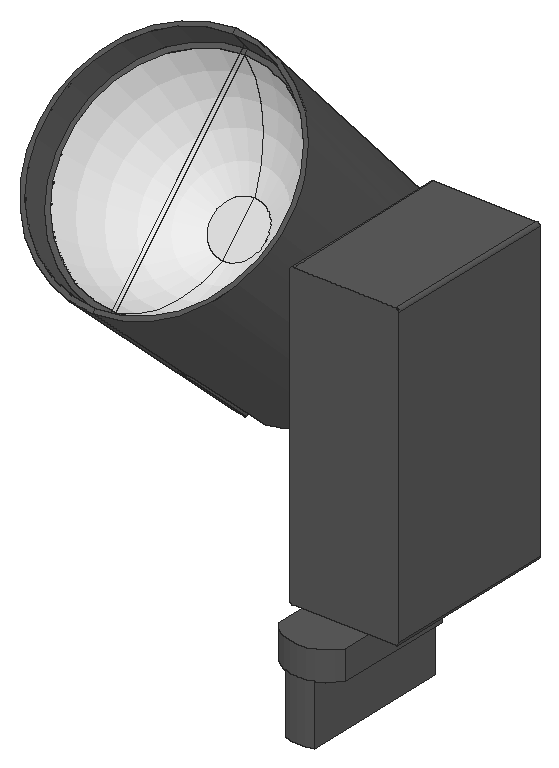
Revit family "0004952 Feilo Sylvania Lighting Fixture START TRACK SPOT L DALI 3562LM 940 WB BLK", category Lighting Fixtures, host Face, Revit 2017
Family settings
  Host = Face
  Round Connector Dimension = Use Diameter
  Part Type = Normal
  OmniClass Number = 23.80.70.00
  OmniClass Title = Lighting
  Cut with Voids When Loaded = No
  Light Source = No
  Shared = No
  Room Calculation Point = No
Parameters (values of type "0004952 START TRACK SPOT L DALI 3562LM 940 WB BLK")
  Weight = "1.368 kg"
  Wattage Comments = ""
  WarrantyStartDate [instance] = "n/a"
  WarrantyGuarantorParts = "n/a"
  WarrantyDurationUnit = "n/a"
  WarrantyDurationParts = "n/a"
  WarrantyDescription = "n/a"
  Voltage = 230 V
  URL = "http://www.sylvania-lighting.com/"
  TypeName = "START TRACK SPOT L DALI 3562LM 940 WB BLK"
  TypeHead_FEILO = Start Track Spot Head : 0004903 START TRACK SPOT L 35W 4K RA90 WB BLACK
  TypeBox_FEILO = Start Track Spot Box : Type Large Black
  Type Image = <None>
  Type Comments = "n/a"
  VerticalRotation_FEILO [instance] = 0.00°
  SlideEndAngle_FEILO [instance] = VerticalRotation_FEILO + 180.00°  # 180.00°
  SerialNumber [instance] = "n/a"
  Material_3_FEILO = none
  PowerFactor = 0.93
  PowerConsumption = "35 W"
  NominalLength = 0 mm
  NominalHeight = 240 mm
  NominalDepth = 164 mm
  Name = "START TRACK SPOT L DALI 3562LM 940 WB BLK"
  ModelReference = Name  # "START TRACK SPOT L DALI 3562LM 940 WB BLK"
  ModelNumber = "0004952"
  Model = Name  # "START TRACK SPOT L DALI 3562LM 940 WB BLK"
  Material = "adc12 aluminium housing, polycarbonate diffuser"
  ManufacturerName = "Feilo Sylvania"
  Manufacturer = "Feilo Sylvania"
  LuminousEfficacy = "102 lm/W"
  LuminaireType = ""
  LightOutputRatio = "100"
  LampsType = Lamp  # "LED"
  LampNominalLuminous = "3562 lm"
  LampMacAdamStep = "3"
  LampColourTemperature = "4000 K"
  LampColourRenderingIndex = "90"
  Lamp = "LED"
  Keynote = "16500"
  InstallationDate [instance] = "n/a"
  InputVoltage = "230-240V~"
  InputNominalFrequency = "50/60 Hz"
  IngressProtection = "IP20"
  ImpactProtectionIndex = "IK02"
  IfcExportType = "IfcLightFixtureType"
  IfcExportAs = "IfcLightFixtureType"
  HorizontalRotation_FEILO [instance] = 45.00°
  ExpectedLife = 50000
  ElectricShockClassification = "Class II"
  DurationUnit = "hours"
  DocumentationLiterature = "http://www.sylvania-lighting.com/product/en-int/products/0004903"
  DimmingControlOptions = "Dimmable"
  Material_2_FEILO = none
  Description = "Integrated LED spotlight, Textured Black - RAL9005, compact and minimalist design, ideal for retail applications, die-cast aluminium body, passive cooling heatsink. Beam angle: 52°, color temperature: 4000K , total system power: 35W, total fixture output: 3562 lm, LOR: 100%, colour rendering: Ra: 90 typical, LED Chromaticity: 3 step MacAdam ellipse, lifetime: >50000 hours at L70B50, energy class: A++, A+, A, IR/UV free light source without heat radiation, operating voltage: 220-240V / 50-60Hz, drive current: 900mA, electronic driver, non-dimmable, power factor: 0.93, electrical protection: Class II, Global Track 3 Phase adapter suitable for Global trac 3-circuit tracks, ingress protection rating: IP20, suitable for internal environment only, horizontal rotation: 355°, vertical tilt: 90°, dimensions: Ø113x164x240, weight: 1.368kg."
  Default Elevation = 1219.2 mm
  CreatedOn = "04/26/2018"
  CreatedBy = ""
  Cost = 0
  built-in parameter 1114216 [instance] = (empty or 0)
  ClassificationValue = "EF_70_80"
  ClassificationName = "Uniclass2015"
  Material_1_FEILO = Body-Sylvania-StartTrackSpot-Black
  BarCode [instance] = "n/a"
  AssetType = "Fixed"
  AssetIdentifier [instance] = "n/a"
  Assembly Code = "D5020200"
  Apparent Load = 35 VA
  Material_4_FEILO = none
Reference planes
  plane 1 "Center (Front/Back)": y = 0
  plane 2: z = 0
  plane 3 "Center (Left/Right)": x = 0
  plane 4: x = 15
  plane 5: x = -15
  plane 6: y = 35
  plane 7: y = -35
  plane 8: z = 13
  plane 9: z = -27
  plane 10: x = 6.5
  plane 11: x = -6.5
  plane 12: y = 27
  plane 13: y = -27
  plane 14: y = 20
Forms (mm)
  Extrusion 1, solid, material "Body-Sylvania-StartTrackSpot-Black" <- "Material_1_FEILO"
    sketch origin (0, 0, 0) x (1, 0, 0) y (0, 1, 0)
      loop
        line (-15, 27) -> (-15, -27)
        arc (-15, -27) -> (0, -35) -> (15, -27) r 18.062
        line (15, -27) -> (15, 27)
        arc (15, 27) -> (0, 35) -> (-15, 27) r 18.062
    from 0 to 13
  Extrusion 2, solid, material "Body-Sylvania-StartTrackSpot-Black" <- "Material_1_FEILO"
    sketch origin (0, 0, 0) x (1, 0, 0) y (0, 1, 0)
      loop
        arc (6.5, 33.79) -> (0, 35) -> (-6.5, 33.79) r 18.062
        line (-6.5, 33.79) -> (-6.5, -33.79)
        arc (-6.5, -33.79) -> (0, -35) -> (6.5, -33.79) r 18.062
        line (6.5, -33.79) -> (6.5, 33.79)
    from 0 to -27
  Revolve 3, solid, not visible
    sketch origin (1524, 20, 1219.2) x (1, 0, 0) y (0, 0, 1)
      loop
        line (-1524, -1206.2) -> (-1524, -1191.285) -> (-1530.5, -1191.285) -> (-1530.5, -1206.2) -> (-1524, -1206.2)
      axis (-1524, -1191.285) -> (-1524, -1206.2)
    angle from 0 <- "VerticalRotation_FEILO" to 180 <- "SlideEndAngle_FEILO"
Cuts and joins
  joined: Extrusion 1, Extrusion 2
Dimensions and locks
  equal spacing: plane 10, plane 3 "Center (Left/Right)", plane 11
  equal spacing: plane 4, plane 3 "Center (Left/Right)", plane 5
  locked: plane 8 to plane 2 at 13
  locked: plane 8 to plane 9 at 40
  equal spacing: plane 13, plane 1 "Center (Front/Back)", plane 12
  locked: plane 12 to plane 6 at 8
  locked: plane 14 to plane 6 at 15
  locked: Revolve 3 sketch curve to plane 8 at 14.915
  aligned and locked: plane 2 to host face
  aligned and locked: level to host face
  aligned and locked: plane 5 to Extrusion 1 sketch curve  (x2)
  aligned and locked: plane 12 to Extrusion 1 sketch curve
  aligned and locked: plane 13 to Extrusion 1 sketch curve
  aligned and locked: plane 4 to Extrusion 1 sketch curve
  aligned and locked: Extrusion 1 to plane 8
  aligned and locked: Extrusion 1 to level
  aligned and locked: Extrusion 2 sketch curve to Extrusion 1  (x2)
  aligned and locked: Extrusion 2 sketch curve to plane 11
  aligned and locked: plane 10 to Extrusion 2 sketch curve
  aligned and locked: plane 9 to Extrusion 2
  aligned and locked: level to Extrusion 2
  aligned and locked: Revolve 3 sketch curve to plane 3 "Center (Left/Right)"  (x2)
  aligned and locked: plane 11 to Revolve 3 sketch curve
  aligned and locked: Revolve 3 sketch curve to plane 8
Automatic sketch dimensions
  host sketch curve to host sketch curve = 2438.4 mm  (x2)
  Extrusion 1 sketch curve to plane 3 "Center (Left/Right)" = 0 mm  (x2)
  Extrusion 1 sketch curve to plane 13 = 10.062 mm
  plane 12 to Extrusion 1 sketch curve = 10.062 mm
  Revolve 3 sketch curve to plane 3 "Center (Left/Right)" = 0 mm
  plane 9 to Revolve 3 sketch curve = 582.6 mm
  Revolve 3 sketch curve to Revolve 3 sketch curve = 2581.144 mm
Nested families
  nested 1: "Start Track Spot Head" at (-75.5, 20, 133) x (0, 0.7071, 0.7071) z (0, 0.7071, -0.7071), type <- "TypeHead_FEILO", type "0004903 START TRACK SPOT L 35W 4K RA90 WB BLACK"
    with built-in parameter 1114216 (empty or 0)
  nested 2: "Start Track Spot Box" at (8.5, 20, 85) x (-1, 0, 0) z (0, -1, 0), BoxStartAngle_FEILO <- "HorizontalRotation_FEILO", type <- "TypeBox_FEILO", type "Type Large Black"
    with BoxStartAngle_FEILO 45.00°, BoxEndAngle_FEILO -135.00°
Connectors
  electrical at (0, 0, 0), driven by "Apparent Load", driven by "PowerFactor", driven by "Voltage"
    settings: index 1, voltage 230 V, apparent load 35 VA, apparent load phase1 0 VA, apparent load phase2 0 VA, apparent load phase3 0 VA, power factor 0.93, load classification "Lighting", number of poles 1, system type 30, power factor state 1, is connector primary yes, connector utility no, sub classification motor no, connector description ""
Definition of nested family "Start Track Spot Head"
  Parameters (values of type "0004811 START TRACK SPOT S 14W 3K RA80 NB WHITE")
    Wattage Comments = "n/a"
    Wattage = 14 W
    built-in parameter 1150110 = 1 (stored number, unit not read)
    URL = "http://www.feilosylvania.com"
    Type Image = (empty or 0)
    Type Comments = "n/a"
    built-in parameter 1114217 = 1 (stored number, unit not read)
    Tilt Angle = -90.00°
    built-in parameter 1150109 = 1 (stored number, unit not read)
    built-in parameter 1150134 = (empty or 0)
    built-in parameter 1150113 = 1 (stored number, unit not read)
    Photometric Web File = "0004811.ies"
    Material_3_FEILO = none
    Model = "START TRACK SPOT S 14W 3K RA80 NB WHITE"
    Manufacturer = "Feilo Sylvania"
    built-in parameter 1150105 = 123.66 (stored number, unit not read)
    Lumens = 1554 lm
    built-in parameter 1150115 = 1 (stored number, unit not read)
    built-in parameter 1150137 = (empty or 0)
    built-in parameter 1150139 = (empty or 0)
    built-in parameter 1150112 = 1 (stored number, unit not read)
    built-in parameter 1150114 = 1 (stored number, unit not read)
    Lamp = "LED"
    Keynote = "16500"
    Material_2_FEILO = none
    built-in parameter 1150132 = (empty or 0)
    built-in parameter 1150102 = (empty or 0)
    built-in parameter 1150107 = 3000 (stored number, unit not read)
    built-in parameter 1150138 = (empty or 0)
    built-in parameter 1150106 = 1.2366 (stored number, unit not read)
    HeadThickness_FEILO = if(HeadDiaOut_FEILO > 112 mm, 2 mm, 1.5 mm)  # 1.5 mm
    HeadRibOffset_FEILO = HeadHeight_FEILO / 28  # 4.179 mm
    HeadRibDepth_FEILO = HeadHeight_FEILO / 2.1  # 55.714 mm
    HeadRibCutWidth_FEILO = HeadDiaOut_FEILO / 12  # 7.167 mm
    HeadRibCutOffset_FEILO = HeadHeight_FEILO / 2.3  # 50.87 mm
    HeadReflectorRadius_FEILO = HeadDiaOut_FEILO / 1.7  # 50.588 mm
    HeadReflectorOffset_FEILO = HeadHeight_FEILO / 2.1  # 55.714 mm
    HeadLEDRadius_FEILO = HeadDiaOut_FEILO / 9  # 9.556 mm
    HeadHeight_FEILO = 117 mm
    HeadDraft_FEILO = 1 mm
    HeadDiffusorThickness_FEILO = 3 mm
    HeadDiffusorOffset_FEILO = HeadHeight_FEILO / 12.4  # 9.435 mm
    HeadDiaOut_FEILO = 86 mm
    HeadDiaIn_FEILO = HeadDiaOut_FEILO / 1.11  # 77.477 mm
    HeadAxisFromTop_FEILO = HeadHeight_FEILO / 1.687  # 69.354 mm
    Emit from Circle Diameter = HeadDiaIn_FEILO  # 77.477 mm
    Emit Shape Visible in Rendering = no
    built-in parameter 1150104 = 10.312 (stored number, unit not read)
    Dimming Lamp Color Temperature Shift = (empty or 0)
    Description = "Integrated LED spotlight, Textured White - RAL9016, compact and minimalist design, ideal for retail applications, die-cast aluminium body, passive cooling heatsink. Beam angle: 12°, color temperature: 3000K , total system power: 14W, total fixture output: 1551 lm, LOR: 100%, colour rendering: Ra: 80 typical, LED Chromaticity: 3 step MacAdam ellipse, lifetime: >50000 hours at L70B50, energy class: A++, A+, A, IR/UV free light source without heat radiation, operating voltage: 220-240V / 50-60Hz, drive current: 350mA, electronic driver, non-dimmable, power factor: 0.92, electrical protection: Class II, Global Track 3 Phase adapter suitable for Global trac 3-circuit tracks, ingress protection rating: IP20, suitable for internal environment only, horizontal rotation: 355°, vertical tilt: 90°, dimensions: Ø86x140x200, weight: 0.940kg."
    Default Elevation = 1219.2 mm
    Cost = 0
    Color Filter = 16777215
    built-in parameter 1114216 [instance] = (empty or 0)
    Material_1_FEILO = none
    built-in parameter 1114218 = 1 (stored number, unit not read)
    built-in parameter 1150133 = 10 (stored number, unit not read)
    Assembly Code = "D5020200"
    Apparent Load = 14 VA
    Material_4_FEILO = none
  Types (96, lengths in mm): name | Wattage | built-in parameter 1150134 | Photometric Web File | Model | built-in parameter 1150105 | Lumens | built-in parameter 1150107 | built-in parameter 1150106 | HeadThickness_FEILO | HeadRibOffset_FEILO | HeadRibDepth_FEILO | HeadRibCutWidth_FEILO | HeadRibCutOffset_FEILO | HeadReflectorRadius_FEILO | HeadReflectorOffset_FEILO | HeadLEDRadius_FEILO | HeadHeight_FEILO | HeadDiffusorOffset_FEILO | HeadDiaOut_FEILO | HeadDiaIn_FEILO | HeadAxisFromTop_FEILO | Emit from Circle Diameter | built-in parameter 1150104 | Description | Apparent Load
    0004906 START TRACK SPOT L 55W 4K RA90 WB BLACK | 55 W | 12 | "0004906.ies" | "START TRACK SPOT L 55W 4K RA90 WB BLACK" | 385.15 (stored number, unit not read) | 4840 lm | 4000 (stored number, unit not read) | 3.8515 (stored number, unit not read) | 2 | 4.429 | 59.048 | 9.417 | 53.913 | 66.471 | 59.048 | 12.556 | 124 | 10 | 113 | 101.802 | 73.503 | 101.802 | 8.1755 (stored number, unit not read) | "Integrated LED spotlight, Textured Black - RAL9005, compact and minimalist design, ideal for retail applications, die-cast aluminium body, passive cooling heatsink. Beam angle: 52°, color temperature: 4000K , total system power: 55W, total fixture output: 4824 lm, LOR: 100%, colour rendering: Ra: 90 typical, LED Chromaticity: 3 step MacAdam ellipse, lifetime: >50000 hours at L70B50, energy class: A++, A+, A, IR/UV free light source without heat radiation, operating voltage: 220-240V / 50-60Hz, drive current: 1400mA, electronic driver, non-dimmable, power factor: 0.96, electrical protection: Class II, Global Track 3 Phase adapter suitable for Global trac 3-circuit tracks, ingress protection rating: IP20, suitable for internal environment only, horizontal rotation: 355°, vertical tilt: 90°, dimensions: Ø113x164x240, weight: 1.398kg." | 55 VA
    0004905 START TRACK SPOT L 55W 4K RA90 MB BLACK | 55 W | 12 | "0004905.ies" | "START TRACK SPOT L 55W 4K RA90 MB BLACK" | 389.53 (stored number, unit not read) | 4895 lm | 4000 (stored number, unit not read) | 3.8953 (stored number, unit not read) | 2 | 4.429 | 59.048 | 9.417 | 53.913 | 66.471 | 59.048 | 12.556 | 124 | 10 | 113 | 101.802 | 73.503 | 101.802 | 8.2684 (stored number, unit not read) | "Integrated LED spotlight, Textured Black - RAL9005, compact and minimalist design, ideal for retail applications, die-cast aluminium body, passive cooling heatsink. Beam angle: 38°, color temperature: 4000K , total system power: 55W, total fixture output: 4897 lm, LOR: 100%, colour rendering: Ra: 90 typical, LED Chromaticity: 3 step MacAdam ellipse, lifetime: >50000 hours at L70B50, energy class: A++, A+, A, IR/UV free light source without heat radiation, operating voltage: 220-240V / 50-60Hz, drive current: 1400mA, electronic driver, non-dimmable, power factor: 0.96, electrical protection: Class II, Global Track 3 Phase adapter suitable for Global trac 3-circuit tracks, ingress protection rating: IP20, suitable for internal environment only, horizontal rotation: 355°, vertical tilt: 90°, dimensions: Ø113x164x240, weight: 1.398kg." | 55 VA
    0004904 START TRACK SPOT L 55W 4K RA90 NB BLACK | 55 W | 12 | "0004904.ies" | "START TRACK SPOT L 55W 4K RA90 NB BLACK" | 393.91 (stored number, unit not read) | 4950 lm | 4000 (stored number, unit not read) | 3.9391 (stored number, unit not read) | 2 | 4.429 | 59.048 | 9.417 | 53.913 | 66.471 | 59.048 | 12.556 | 124 | 10 | 113 | 101.802 | 73.503 | 101.802 | 8.3613 (stored number, unit not read) | "Integrated LED spotlight, Textured Black - RAL9005, compact and minimalist design, ideal for retail applications, die-cast aluminium body, passive cooling heatsink. Beam angle: 15°, color temperature: 4000K , total system power: 55W, total fixture output: 4965 lm, LOR: 100%, colour rendering: Ra: 90 typical, LED Chromaticity: 3 step MacAdam ellipse, lifetime: >50000 hours at L70B50, energy class: A++, A+, A, IR/UV free light source without heat radiation, operating voltage: 220-240V / 50-60Hz, drive current: 1400mA, electronic driver, non-dimmable, power factor: 0.96, electrical protection: Class II, Global Track 3 Phase adapter suitable for Global trac 3-circuit tracks, ingress protection rating: IP20, suitable for internal environment only, horizontal rotation: 355°, vertical tilt: 90°, dimensions: Ø113x164x240, weight: 1.398kg." | 55 VA
    0004903 START TRACK SPOT L 35W 4K RA90 WB BLACK | 35 W | 12 | "0004903.ies" | "START TRACK SPOT L 35W 4K RA90 WB BLACK" | 284.09 (stored number, unit not read) | 3570 lm | 4000 (stored number, unit not read) | 2.8409 (stored number, unit not read) | 2 | 4.429 | 59.048 | 9.417 | 53.913 | 66.471 | 59.048 | 12.556 | 124 | 10 | 113 | 101.802 | 73.503 | 101.802 | 9.4761 (stored number, unit not read) | "Integrated LED spotlight, Textured Black - RAL9005, compact and minimalist design, ideal for retail applications, die-cast aluminium body, passive cooling heatsink. Beam angle: 52°, color temperature: 4000K , total system power: 35W, total fixture output: 3562 lm, LOR: 100%, colour rendering: Ra: 90 typical, LED Chromaticity: 3 step MacAdam ellipse, lifetime: >50000 hours at L70B50, energy class: A++, A+, A, IR/UV free light source without heat radiation, operating voltage: 220-240V / 50-60Hz, drive current: 900mA, electronic driver, non-dimmable, power factor: 0.93, electrical protection: Class II, Global Track 3 Phase adapter suitable for Global trac 3-circuit tracks, ingress protection rating: IP20, suitable for internal environment only, horizontal rotation: 355°, vertical tilt: 90°, dimensions: Ø113x164x240, weight: 1.368kg." | 35 VA
    0004902 START TRACK SPOT L 35W 4K RA90 MB BLACK | 35 W | 12 | "0004902.ies" | "START TRACK SPOT L 35W 4K RA90 MB BLACK" | 286.88 (stored number, unit not read) | 3605 lm | 4000 (stored number, unit not read) | 2.8688 (stored number, unit not read) | 2 | 4.429 | 59.048 | 9.417 | 53.913 | 66.471 | 59.048 | 12.556 | 124 | 10 | 113 | 101.802 | 73.503 | 101.802 | 9.569 (stored number, unit not read) | "Integrated LED spotlight, Textured Black - RAL9005, compact and minimalist design, ideal for retail applications, die-cast aluminium body, passive cooling heatsink. Beam angle: 38°, color temperature: 4000K , total system power: 35W, total fixture output: 3616 lm, LOR: 100%, colour rendering: Ra: 90 typical, LED Chromaticity: 3 step MacAdam ellipse, lifetime: >50000 hours at L70B50, energy class: A++, A+, A, IR/UV free light source without heat radiation, operating voltage: 220-240V / 50-60Hz, drive current: 900mA, electronic driver, non-dimmable, power factor: 0.93, electrical protection: Class II, Global Track 3 Phase adapter suitable for Global trac 3-circuit tracks, ingress protection rating: IP20, suitable for internal environment only, horizontal rotation: 355°, vertical tilt: 90°, dimensions: Ø113x164x240, weight: 1.368kg." | 35 VA
    0004901 START TRACK SPOT L 35W 4K RA90 NB BLACK | 35 W | 12 | "0004901.ies" | "START TRACK SPOT L 35W 4K RA90 NB BLACK" | 286.88 (stored number, unit not read) | 3605 lm | 4000 (stored number, unit not read) | 2.8688 (stored number, unit not read) | 2 | 4.429 | 59.048 | 9.417 | 53.913 | 66.471 | 59.048 | 12.556 | 124 | 10 | 113 | 101.802 | 73.503 | 101.802 | 9.569 (stored number, unit not read) | "Integrated LED spotlight, Textured Black - RAL9005, compact and minimalist design, ideal for retail applications, die-cast aluminium body, passive cooling heatsink. Beam angle: 15°, color temperature: 4000K , total system power: 35W, total fixture output: 3593 lm, LOR: 100%, colour rendering: Ra: 90 typical, LED Chromaticity: 3 step MacAdam ellipse, lifetime: >50000 hours at L70B50, energy class: A++, A+, A, IR/UV free light source without heat radiation, operating voltage: 220-240V / 50-60Hz, drive current: 900mA, electronic driver, non-dimmable, power factor: 0.93, electrical protection: Class II, Global Track 3 Phase adapter suitable for Global trac 3-circuit tracks, ingress protection rating: IP20, suitable for internal environment only, horizontal rotation: 355°, vertical tilt: 90°, dimensions: Ø113x164x240, weight: 1.368kg." | 35 VA
    0004900 START TRACK SPOT S 24W 4K RA90 WB BLACK | 24 W | 12 | "0004900.ies" | "START TRACK SPOT S 24W 4K RA90 WB BLACK" | 166.16 (stored number, unit not read) | 2088 lm | 4000 (stored number, unit not read) | 1.6616 (stored number, unit not read) | 1.5 | 4.179 | 55.714 | 7.167 | 50.87 | 50.588 | 55.714 | 9.556 | 117 | 9.435 | 86 | 77.477 | 69.354 | 77.477 | 8.0826 (stored number, unit not read) | "Integrated LED spotlight, Textured Black - RAL9005, compact and minimalist design, ideal for retail applications, die-cast aluminium body, passive cooling heatsink. Beam angle: 64°, color temperature: 4000K , total system power: 24W, total fixture output: 2087 lm, LOR: 100%, colour rendering: Ra: 90 typical, LED Chromaticity: 3 step MacAdam ellipse, lifetime: >50000 hours at L70B50, energy class: A++, A+, A, IR/UV free light source without heat radiation, operating voltage: 220-240V / 50-60Hz, drive current: 600mA, electronic driver, non-dimmable, power factor: 0.95, electrical protection: Class II, Global Track 3 Phase adapter suitable for Global trac 3-circuit tracks, ingress protection rating: IP20, suitable for internal environment only, horizontal rotation: 355°, vertical tilt: 90°, dimensions: Ø86x140x200, weight: 0.966kg." | 24 VA
    0004899 START TRACK SPOT S 24W 4K RA90 MB BLACK | 24 W | 12 | "0004899.ies" | "START TRACK SPOT S 24W 4K RA90 MB BLACK" | 169.98 (stored number, unit not read) | 2136 lm | 4000 (stored number, unit not read) | 1.6998 (stored number, unit not read) | 1.5 | 4.179 | 55.714 | 7.167 | 50.87 | 50.588 | 55.714 | 9.556 | 117 | 9.435 | 86 | 77.477 | 69.354 | 77.477 | 8.2684 (stored number, unit not read) | "Integrated LED spotlight, Textured Black - RAL9005, compact and minimalist design, ideal for retail applications, die-cast aluminium body, passive cooling heatsink. Beam angle: 36°, color temperature: 4000K , total system power: 24W, total fixture output: 2141 lm, LOR: 100%, colour rendering: Ra: 90 typical, LED Chromaticity: 3 step MacAdam ellipse, lifetime: >50000 hours at L70B50, energy class: A++, A+, A, IR/UV free light source without heat radiation, operating voltage: 220-240V / 50-60Hz, drive current: 600mA, electronic driver, non-dimmable, power factor: 0.95, electrical protection: Class II, Global Track 3 Phase adapter suitable for Global trac 3-circuit tracks, ingress protection rating: IP20, suitable for internal environment only, horizontal rotation: 355°, vertical tilt: 90°, dimensions: Ø86x140x200, weight: 0.966kg." | 24 VA
    0004898 START TRACK SPOT S 24W 4K RA90 NB BLACK | 24 W | 12 | "0004898.ies" | "START TRACK SPOT S 24W 4K RA90 NB BLACK" | 171.89 (stored number, unit not read) | 2160 lm | 4000 (stored number, unit not read) | 1.7189 (stored number, unit not read) | 1.5 | 4.179 | 55.714 | 7.167 | 50.87 | 50.588 | 55.714 | 9.556 | 117 | 9.435 | 86 | 77.477 | 69.354 | 77.477 | 8.3613 (stored number, unit not read) | "Integrated LED spotlight, Textured Black - RAL9005, compact and minimalist design, ideal for retail applications, die-cast aluminium body, passive cooling heatsink. Beam angle: 12°, color temperature: 4000K , total system power: 24W, total fixture output: 2155 lm, LOR: 100%, colour rendering: Ra: 90 typical, LED Chromaticity: 3 step MacAdam ellipse, lifetime: >50000 hours at L70B50, energy class: A++, A+, A, IR/UV free light source without heat radiation, operating voltage: 220-240V / 50-60Hz, drive current: 600mA, electronic driver, non-dimmable, power factor: 0.95, electrical protection: Class II, Global Track 3 Phase adapter suitable for Global trac 3-circuit tracks, ingress protection rating: IP20, suitable for internal environment only, horizontal rotation: 355°, vertical tilt: 90°, dimensions: Ø86x140x200, weight: 0.966kg." | 24 VA
    0004897 START TRACK SPOT S 14W 4K RA90 WB BLACK | 14 W | 12 | "0004897.ies" | "START TRACK SPOT S 14W 4K RA90 WB BLACK" | 108.07 (stored number, unit not read) | 1358 lm | 4000 (stored number, unit not read) | 1.0807 (stored number, unit not read) | 1.5 | 4.179 | 55.714 | 7.167 | 50.87 | 50.588 | 55.714 | 9.556 | 117 | 9.435 | 86 | 77.477 | 69.354 | 77.477 | 9.0116 (stored number, unit not read) | "Integrated LED spotlight, Textured Black - RAL9005, compact and minimalist design, ideal for retail applications, die-cast aluminium body, passive cooling heatsink. Beam angle: 64°, color temperature: 4000K , total system power: 14W, total fixture output: 1352 lm, LOR: 100%, colour rendering: Ra: 90 typical, LED Chromaticity: 3 step MacAdam ellipse, lifetime: >50000 hours at L70B50, energy class: A++, A+, A, IR/UV free light source without heat radiation, operating voltage: 220-240V / 50-60Hz, drive current: 350mA, electronic driver, non-dimmable, power factor: 0.92, electrical protection: Class II, Global Track 3 Phase adapter suitable for Global trac 3-circuit tracks, ingress protection rating: IP20, suitable for internal environment only, horizontal rotation: 355°, vertical tilt: 90°, dimensions: Ø86x140x200, weight: 0.940kg." | 14 VA
    0004896 START TRACK SPOT S 14W 4K RA90 MB BLACK | 14 W | 12 | "0004896.ies" | "START TRACK SPOT S 14W 4K RA90 MB BLACK" | 108.07 (stored number, unit not read) | 1358 lm | 4000 (stored number, unit not read) | 1.0807 (stored number, unit not read) | 1.5 | 4.179 | 55.714 | 7.167 | 50.87 | 50.588 | 55.714 | 9.556 | 117 | 9.435 | 86 | 77.477 | 69.354 | 77.477 | 9.0116 (stored number, unit not read) | "Integrated LED spotlight, Textured Black - RAL9005, compact and minimalist design, ideal for retail applications, die-cast aluminium body, passive cooling heatsink. Beam angle: 36°, color temperature: 4000K , total system power: 14W, total fixture output: 1359 lm, LOR: 100%, colour rendering: Ra: 90 typical, LED Chromaticity: 3 step MacAdam ellipse, lifetime: >50000 hours at L70B50, energy class: A++, A+, A, IR/UV free light source without heat radiation, operating voltage: 220-240V / 50-60Hz, drive current: 350mA, electronic driver, non-dimmable, power factor: 0.92, electrical protection: Class II, Global Track 3 Phase adapter suitable for Global trac 3-circuit tracks, ingress protection rating: IP20, suitable for internal environment only, horizontal rotation: 355°, vertical tilt: 90°, dimensions: Ø86x140x200, weight: 0.940kg." | 14 VA
    0004895 START TRACK SPOT S 14W 4K RA90 NB BLACK | 14 W | 12 | "0004895.ies" | "START TRACK SPOT S 14W 4K RA90 NB BLACK" | 106.95 (stored number, unit not read) | 1344 lm | 4000 (stored number, unit not read) | 1.0695 (stored number, unit not read) | 1.5 | 4.179 | 55.714 | 7.167 | 50.87 | 50.588 | 55.714 | 9.556 | 117 | 9.435 | 86 | 77.477 | 69.354 | 77.477 | 8.9187 (stored number, unit not read) | "Integrated LED spotlight, Textured Black - RAL9005, compact and minimalist design, ideal for retail applications, die-cast aluminium body, passive cooling heatsink. Beam angle: 12°, color temperature: 4000K , total system power: 14W, total fixture output: 1349 lm, LOR: 100%, colour rendering: Ra: 90 typical, LED Chromaticity: 3 step MacAdam ellipse, lifetime: >50000 hours at L70B50, energy class: A++, A+, A, IR/UV free light source without heat radiation, operating voltage: 220-240V / 50-60Hz, drive current: 350mA, electronic driver, non-dimmable, power factor: 0.92, electrical protection: Class II, Global Track 3 Phase adapter suitable for Global trac 3-circuit tracks, ingress protection rating: IP20, suitable for internal environment only, horizontal rotation: 355°, vertical tilt: 90°, dimensions: Ø86x140x200, weight: 0.940kg." | 14 VA
    0004894 START TRACK SPOT L 55W 3K RA90 WB BLACK | 55 W | (empty or 0) | "0004894.ies" | "START TRACK SPOT L 55W 3K RA90 WB BLACK" | 350.14 (stored number, unit not read) | 4400 lm | 3000 (stored number, unit not read) | 3.5014 (stored number, unit not read) | 2 | 4.429 | 59.048 | 9.417 | 53.913 | 66.471 | 59.048 | 12.556 | 124 | 10 | 113 | 101.802 | 73.503 | 101.802 | 7.4322 (stored number, unit not read) | "Integrated LED spotlight, Textured Black - RAL9005, compact and minimalist design, ideal for retail applications, die-cast aluminium body, passive cooling heatsink. Beam angle: 52°, color temperature: 3000K , total system power: 55W, total fixture output: 4405 lm, LOR: 100%, colour rendering: Ra: 90 typical, LED Chromaticity: 3 step MacAdam ellipse, lifetime: >50000 hours at L70B50, energy class: A++, A+, A, IR/UV free light source without heat radiation, operating voltage: 220-240V / 50-60Hz, drive current: 1400mA, electronic driver, non-dimmable, power factor: 0.96, electrical protection: Class II, Global Track 3 Phase adapter suitable for Global trac 3-circuit tracks, ingress protection rating: IP20, suitable for internal environment only, horizontal rotation: 355°, vertical tilt: 90°, dimensions: Ø113x164x240, weight: 1.398kg." | 55 VA
    0004893 START TRACK SPOT L 55W 3K RA90 MB BLACK | 55 W | (empty or 0) | "0004893.ies" | "START TRACK SPOT L 55W 3K RA90 MB BLACK" | 354.52 (stored number, unit not read) | 4455 lm | 3000 (stored number, unit not read) | 3.5452 (stored number, unit not read) | 2 | 4.429 | 59.048 | 9.417 | 53.913 | 66.471 | 59.048 | 12.556 | 124 | 10 | 113 | 101.802 | 73.503 | 101.802 | 7.5251 (stored number, unit not read) | "Integrated LED spotlight, Textured Black - RAL9005, compact and minimalist design, ideal for retail applications, die-cast aluminium body, passive cooling heatsink. Beam angle: 38°, color temperature: 3000K , total system power: 55W, total fixture output: 4448 lm, LOR: 100%, colour rendering: Ra: 90 typical, LED Chromaticity: 3 step MacAdam ellipse, lifetime: >50000 hours at L70B50, energy class: A++, A+, A, IR/UV free light source without heat radiation, operating voltage: 220-240V / 50-60Hz, drive current: 1400mA, electronic driver, non-dimmable, power factor: 0.96, electrical protection: Class II, Global Track 3 Phase adapter suitable for Global trac 3-circuit tracks, ingress protection rating: IP20, suitable for internal environment only, horizontal rotation: 355°, vertical tilt: 90°, dimensions: Ø113x164x240, weight: 1.398kg." | 55 VA
    0004892 START TRACK SPOT L 55W 3K RA90 NB BLACK | 55 W | (empty or 0) | "0004892.ies" | "START TRACK SPOT L 55W 3K RA90 NB BLACK" | 350.14 (stored number, unit not read) | 4400 lm | 3000 (stored number, unit not read) | 3.5014 (stored number, unit not read) | 2 | 4.429 | 59.048 | 9.417 | 53.913 | 66.471 | 59.048 | 12.556 | 124 | 10 | 113 | 101.802 | 73.503 | 101.802 | 7.4322 (stored number, unit not read) | "Integrated LED spotlight, Textured Black - RAL9005, compact and minimalist design, ideal for retail applications, die-cast aluminium body, passive cooling heatsink. Beam angle: 15°, color temperature: 3000K , total system power: 55W, total fixture output: 4416 lm, LOR: 100%, colour rendering: Ra: 90 typical, LED Chromaticity: 3 step MacAdam ellipse, lifetime: >50000 hours at L70B50, energy class: A++, A+, A, IR/UV free light source without heat radiation, operating voltage: 220-240V / 50-60Hz, drive current: 1400mA, electronic driver, non-dimmable, power factor: 0.96, electrical protection: Class II, Global Track 3 Phase adapter suitable for Global trac 3-circuit tracks, ingress protection rating: IP20, suitable for internal environment only, horizontal rotation: 355°, vertical tilt: 90°, dimensions: Ø113x164x240, weight: 1.398kg." | 55 VA
    0004891 START TRACK SPOT L 35W 3K RA90 WB BLACK | 35 W | (empty or 0) | "0004891.ies" | "START TRACK SPOT L 35W 3K RA90 WB BLACK" | 259.02 (stored number, unit not read) | 3255 lm | 3000 (stored number, unit not read) | 2.5902 (stored number, unit not read) | 2 | 4.429 | 59.048 | 9.417 | 53.913 | 66.471 | 59.048 | 12.556 | 124 | 10 | 113 | 101.802 | 73.503 | 101.802 | 8.64 (stored number, unit not read) | "Integrated LED spotlight, Textured Black - RAL9005, compact and minimalist design, ideal for retail applications, die-cast aluminium body, passive cooling heatsink. Beam angle: 52°, color temperature: 3000K , total system power: 35W, total fixture output: 3260 lm, LOR: 100%, colour rendering: Ra: 90 typical, LED Chromaticity: 3 step MacAdam ellipse, lifetime: >50000 hours at L70B50, energy class: A++, A+, A, IR/UV free light source without heat radiation, operating voltage: 220-240V / 50-60Hz, drive current: 900mA, electronic driver, non-dimmable, power factor: 0.93, electrical protection: Class II, Global Track 3 Phase adapter suitable for Global trac 3-circuit tracks, ingress protection rating: IP20, suitable for internal environment only, horizontal rotation: 355°, vertical tilt: 90°, dimensions: Ø113x164x240, weight: 1.368kg." | 35 VA
    0004890 START TRACK SPOT L 35W 3K RA90 MB BLACK | 35 W | (empty or 0) | "0004890.ies" | "START TRACK SPOT L 35W 3K RA90 MB BLACK" | 261.81 (stored number, unit not read) | 3290 lm | 3000 (stored number, unit not read) | 2.6181 (stored number, unit not read) | 2 | 4.429 | 59.048 | 9.417 | 53.913 | 66.471 | 59.048 | 12.556 | 124 | 10 | 113 | 101.802 | 73.503 | 101.802 | 8.7329 (stored number, unit not read) | "Integrated LED spotlight, Textured Black - RAL9005, compact and minimalist design, ideal for retail applications, die-cast aluminium body, passive cooling heatsink. Beam angle: 38°, color temperature: 3000K , total system power: 35W, total fixture output: 3306 lm, LOR: 100%, colour rendering: Ra: 90 typical, LED Chromaticity: 3 step MacAdam ellipse, lifetime: >50000 hours at L70B50, energy class: A++, A+, A, IR/UV free light source without heat radiation, operating voltage: 220-240V / 50-60Hz, drive current: 900mA, electronic driver, non-dimmable, power factor: 0.93, electrical protection: Class II, Global Track 3 Phase adapter suitable for Global trac 3-circuit tracks, ingress protection rating: IP20, suitable for internal environment only, horizontal rotation: 355°, vertical tilt: 90°, dimensions: Ø113x164x240, weight: 1.368kg." | 35 VA
    0004889 START TRACK SPOT L 35W 3K RA90 NB BLACK | 35 W | (empty or 0) | "0004889.ies" | "START TRACK SPOT L 35W 3K RA90 NB BLACK" | 261.81 (stored number, unit not read) | 3290 lm | 3000 (stored number, unit not read) | 2.6181 (stored number, unit not read) | 2 | 4.429 | 59.048 | 9.417 | 53.913 | 66.471 | 59.048 | 12.556 | 124 | 10 | 113 | 101.802 | 73.503 | 101.802 | 8.7329 (stored number, unit not read) | "Integrated LED spotlight, Textured Black - RAL9005, compact and minimalist design, ideal for retail applications, die-cast aluminium body, passive cooling heatsink. Beam angle: 15°, color temperature: 3000K , total system power: 35W, total fixture output: 3287 lm, LOR: 100%, colour rendering: Ra: 90 typical, LED Chromaticity: 3 step MacAdam ellipse, lifetime: >50000 hours at L70B50, energy class: A++, A+, A, IR/UV free light source without heat radiation, operating voltage: 220-240V / 50-60Hz, drive current: 900mA, electronic driver, non-dimmable, power factor: 0.93, electrical protection: Class II, Global Track 3 Phase adapter suitable for Global trac 3-circuit tracks, ingress protection rating: IP20, suitable for internal environment only, horizontal rotation: 355°, vertical tilt: 90°, dimensions: Ø113x164x240, weight: 1.368kg." | 35 VA
    0004888 START TRACK SPOT S 24W 3K RA90 WB BLACK | 24 W | (empty or 0) | "0004888.ies" | "START TRACK SPOT S 24W 3K RA90 WB BLACK" | 152.79 (stored number, unit not read) | 1920 lm | 3000 (stored number, unit not read) | 1.5279 (stored number, unit not read) | 1.5 | 4.179 | 55.714 | 7.167 | 50.87 | 50.588 | 55.714 | 9.556 | 117 | 9.435 | 86 | 77.477 | 69.354 | 77.477 | 7.4322 (stored number, unit not read) | "Integrated LED spotlight, Textured Black - RAL9005, compact and minimalist design, ideal for retail applications, die-cast aluminium body, passive cooling heatsink. Beam angle: 64°, color temperature: 3000K , total system power: 24W, total fixture output: 1928 lm, LOR: 100%, colour rendering: Ra: 90 typical, LED Chromaticity: 3 step MacAdam ellipse, lifetime: >50000 hours at L70B50, energy class: A++, A+, A, IR/UV free light source without heat radiation, operating voltage: 220-240V / 50-60Hz, drive current: 600mA, electronic driver, non-dimmable, power factor: 0.95, electrical protection: Class II, Global Track 3 Phase adapter suitable for Global trac 3-circuit tracks, ingress protection rating: IP20, suitable for internal environment only, horizontal rotation: 355°, vertical tilt: 90°, dimensions: Ø86x140x200, weight: 0.966kg." | 24 VA
    0004887 START TRACK SPOT S 24W 3K RA90 MB BLACK | 24 W | (empty or 0) | "0004887.ies" | "START TRACK SPOT S 24W 3K RA90 MB BLACK" | 154.7 (stored number, unit not read) | 1944 lm | 3000 (stored number, unit not read) | 1.547 (stored number, unit not read) | 1.5 | 4.179 | 55.714 | 7.167 | 50.87 | 50.588 | 55.714 | 9.556 | 117 | 9.435 | 86 | 77.477 | 69.354 | 77.477 | 7.5251 (stored number, unit not read) | "Integrated LED spotlight, Textured Black - RAL9005, compact and minimalist design, ideal for retail applications, die-cast aluminium body, passive cooling heatsink. Beam angle: 36°, color temperature: 3000K , total system power: 24W, total fixture output: 1944 lm, LOR: 100%, colour rendering: Ra: 90 typical, LED Chromaticity: 3 step MacAdam ellipse, lifetime: >50000 hours at L70B50, energy class: A++, A+, A, IR/UV free light source without heat radiation, operating voltage: 220-240V / 50-60Hz, drive current: 600mA, electronic driver, non-dimmable, power factor: 0.95, electrical protection: Class II, Global Track 3 Phase adapter suitable for Global trac 3-circuit tracks, ingress protection rating: IP20, suitable for internal environment only, horizontal rotation: 355°, vertical tilt: 90°, dimensions: Ø86x140x200, weight: 0.966kg." | 24 VA
    0004886 START TRACK SPOT S 24W 3K RA90 NB BLACK | 24 W | (empty or 0) | "0004886.ies" | "START TRACK SPOT S 24W 3K RA90 NB BLACK" | 158.52 (stored number, unit not read) | 1992 lm | 3000 (stored number, unit not read) | 1.5852 (stored number, unit not read) | 1.5 | 4.179 | 55.714 | 7.167 | 50.87 | 50.588 | 55.714 | 9.556 | 117 | 9.435 | 86 | 77.477 | 69.354 | 77.477 | 7.711 (stored number, unit not read) | "Integrated LED spotlight, Textured Black - RAL9005, compact and minimalist design, ideal for retail applications, die-cast aluminium body, passive cooling heatsink. Beam angle: 12°, color temperature: 3000K , total system power: 24W, total fixture output: 1987 lm, LOR: 100%, colour rendering: Ra: 90 typical, LED Chromaticity: 3 step MacAdam ellipse, lifetime: >50000 hours at L70B50, energy class: A++, A+, A, IR/UV free light source without heat radiation, operating voltage: 220-240V / 50-60Hz, drive current: 600mA, electronic driver, non-dimmable, power factor: 0.95, electrical protection: Class II, Global Track 3 Phase adapter suitable for Global trac 3-circuit tracks, ingress protection rating: IP20, suitable for internal environment only, horizontal rotation: 355°, vertical tilt: 90°, dimensions: Ø86x140x200, weight: 0.966kg." | 24 VA
    0004885 START TRACK SPOT S 14W 3K RA90 WB BLACK | 14 W | (empty or 0) | "0004885.ies" | "START TRACK SPOT S 14W 3K RA90 WB BLACK" | 100.27 (stored number, unit not read) | 1260 lm | 3000 (stored number, unit not read) | 1.0027 (stored number, unit not read) | 1.5 | 4.179 | 55.714 | 7.167 | 50.87 | 50.588 | 55.714 | 9.556 | 117 | 9.435 | 86 | 77.477 | 69.354 | 77.477 | 8.3613 (stored number, unit not read) | "Integrated LED spotlight, Textured Black - RAL9005, compact and minimalist design, ideal for retail applications, die-cast aluminium body, passive cooling heatsink. Beam angle: 64°, color temperature: 3000K , total system power: 14W, total fixture output: 1262 lm, LOR: 100%, colour rendering: Ra: 90 typical, LED Chromaticity: 3 step MacAdam ellipse, lifetime: >50000 hours at L70B50, energy class: A++, A+, A, IR/UV free light source without heat radiation, operating voltage: 220-240V / 50-60Hz, drive current: 350mA, electronic driver, non-dimmable, power factor: 0.92, electrical protection: Class II, Global Track 3 Phase adapter suitable for Global trac 3-circuit tracks, ingress protection rating: IP20, suitable for internal environment only, horizontal rotation: 355°, vertical tilt: 90°, dimensions: Ø86x140x200, weight: 0.940kg." | 14 VA
    0004884 START TRACK SPOT S 14W 3K RA90 MB BLACK | 14 W | (empty or 0) | "0004884.ies" | "START TRACK SPOT S 14W 3K RA90 MB BLACK" | 100.27 (stored number, unit not read) | 1260 lm | 3000 (stored number, unit not read) | 1.0027 (stored number, unit not read) | 1.5 | 4.179 | 55.714 | 7.167 | 50.87 | 50.588 | 55.714 | 9.556 | 117 | 9.435 | 86 | 77.477 | 69.354 | 77.477 | 8.3613 (stored number, unit not read) | "Integrated LED spotlight, Textured Black - RAL9005, compact and minimalist design, ideal for retail applications, die-cast aluminium body, passive cooling heatsink. Beam angle: 36°, color temperature: 3000K , total system power: 14W, total fixture output: 1262 lm, LOR: 100%, colour rendering: Ra: 90 typical, LED Chromaticity: 3 step MacAdam ellipse, lifetime: >50000 hours at L70B50, energy class: A++, A+, A, IR/UV free light source without heat radiation, operating voltage: 220-240V / 50-60Hz, drive current: 350mA, electronic driver, non-dimmable, power factor: 0.92, electrical protection: Class II, Global Track 3 Phase adapter suitable for Global trac 3-circuit tracks, ingress protection rating: IP20, suitable for internal environment only, horizontal rotation: 355°, vertical tilt: 90°, dimensions: Ø86x140x200, weight: 0.940kg." | 14 VA
    0004883 START TRACK SPOT S 14W 3K RA90 NB BLACK | 14 W | (empty or 0) | "0004883.ies" | "START TRACK SPOT S 14W 3K RA90 NB BLACK" | 102.5 (stored number, unit not read) | 1288 lm | 3000 (stored number, unit not read) | 1.025 (stored number, unit not read) | 1.5 | 4.179 | 55.714 | 7.167 | 50.87 | 50.588 | 55.714 | 9.556 | 117 | 9.435 | 86 | 77.477 | 69.354 | 77.477 | 8.5471 (stored number, unit not read) | "Integrated LED spotlight, Textured Black - RAL9005, compact and minimalist design, ideal for retail applications, die-cast aluminium body, passive cooling heatsink. Beam angle: 12°, color temperature: 3000K , total system power: 14W, total fixture output: 1284 lm, LOR: 100%, colour rendering: Ra: 90 typical, LED Chromaticity: 3 step MacAdam ellipse, lifetime: >50000 hours at L70B50, energy class: A++, A+, A, IR/UV free light source without heat radiation, operating voltage: 220-240V / 50-60Hz, drive current: 350mA, electronic driver, non-dimmable, power factor: 0.92, electrical protection: Class II, Global Track 3 Phase adapter suitable for Global trac 3-circuit tracks, ingress protection rating: IP20, suitable for internal environment only, horizontal rotation: 355°, vertical tilt: 90°, dimensions: Ø86x140x200, weight: 0.940kg." | 14 VA
    0004882 START TRACK SPOT L 55W 4K RA90 WB WHITE | 55 W | 12 | "0004882.ies" | "START TRACK SPOT L 55W 4K RA90 WB WHITE" | 385.15 (stored number, unit not read) | 4840 lm | 4000 (stored number, unit not read) | 3.8515 (stored number, unit not read) | 2 | 4.429 | 59.048 | 9.417 | 53.913 | 66.471 | 59.048 | 12.556 | 124 | 10 | 113 | 101.802 | 73.503 | 101.802 | 8.1755 (stored number, unit not read) | "Integrated LED spotlight, Textured White - RAL9016, compact and minimalist design, ideal for retail applications, die-cast aluminium body, passive cooling heatsink. Beam angle: 52°, color temperature: 4000K , total system power: 55W, total fixture output: 4824 lm, LOR: 100%, colour rendering: Ra: 90 typical, LED Chromaticity: 3 step MacAdam ellipse, lifetime: >50000 hours at L70B50, energy class: A++, A+, A, IR/UV free light source without heat radiation, operating voltage: 220-240V / 50-60Hz, drive current: 1400mA, electronic driver, non-dimmable, power factor: 0.96, electrical protection: Class II, Global Track 3 Phase adapter suitable for Global trac 3-circuit tracks, ingress protection rating: IP20, suitable for internal environment only, horizontal rotation: 355°, vertical tilt: 90°, dimensions: Ø113x164x240, weight: 1.398kg." | 55 VA
    0004881 START TRACK SPOT L 55W 4K RA90 MB WHITE | 55 W | 12 | "0004881.ies" | "START TRACK SPOT L 55W 4K RA90 MB WHITE" | 389.53 (stored number, unit not read) | 4895 lm | 4000 (stored number, unit not read) | 3.8953 (stored number, unit not read) | 2 | 4.429 | 59.048 | 9.417 | 53.913 | 66.471 | 59.048 | 12.556 | 124 | 10 | 113 | 101.802 | 73.503 | 101.802 | 8.2684 (stored number, unit not read) | "Integrated LED spotlight, Textured White - RAL9016, compact and minimalist design, ideal for retail applications, die-cast aluminium body, passive cooling heatsink. Beam angle: 38°, color temperature: 4000K , total system power: 55W, total fixture output: 4897 lm, LOR: 100%, colour rendering: Ra: 90 typical, LED Chromaticity: 3 step MacAdam ellipse, lifetime: >50000 hours at L70B50, energy class: A++, A+, A, IR/UV free light source without heat radiation, operating voltage: 220-240V / 50-60Hz, drive current: 1400mA, electronic driver, non-dimmable, power factor: 0.96, electrical protection: Class II, Global Track 3 Phase adapter suitable for Global trac 3-circuit tracks, ingress protection rating: IP20, suitable for internal environment only, horizontal rotation: 355°, vertical tilt: 90°, dimensions: Ø113x164x240, weight: 1.398kg." | 55 VA
    0004880 START TRACK SPOT L 55W 4K RA90 NB WHITE | 55 W | 12 | "0004880.ies" | "START TRACK SPOT L 55W 4K RA90 NB WHITE" | 393.91 (stored number, unit not read) | 4950 lm | 4000 (stored number, unit not read) | 3.9391 (stored number, unit not read) | 2 | 4.429 | 59.048 | 9.417 | 53.913 | 66.471 | 59.048 | 12.556 | 124 | 10 | 113 | 101.802 | 73.503 | 101.802 | 8.3613 (stored number, unit not read) | "Integrated LED spotlight, Textured White - RAL9016, compact and minimalist design, ideal for retail applications, die-cast aluminium body, passive cooling heatsink. Beam angle: 15°, color temperature: 4000K , total system power: 55W, total fixture output: 4965 lm, LOR: 100%, colour rendering: Ra: 90 typical, LED Chromaticity: 3 step MacAdam ellipse, lifetime: >50000 hours at L70B50, energy class: A++, A+, A, IR/UV free light source without heat radiation, operating voltage: 220-240V / 50-60Hz, drive current: 1400mA, electronic driver, non-dimmable, power factor: 0.96, electrical protection: Class II, Global Track 3 Phase adapter suitable for Global trac 3-circuit tracks, ingress protection rating: IP20, suitable for internal environment only, horizontal rotation: 355°, vertical tilt: 90°, dimensions: Ø113x164x240, weight: 1.398kg." | 55 VA
    0004879 START TRACK SPOT L 35W 4K RA90 WB WHITE | 35 W | 12 | "0004879.ies" | "START TRACK SPOT L 35W 4K RA90 WB WHITE" | 284.09 (stored number, unit not read) | 3570 lm | 4000 (stored number, unit not read) | 2.8409 (stored number, unit not read) | 2 | 4.429 | 59.048 | 9.417 | 53.913 | 66.471 | 59.048 | 12.556 | 124 | 10 | 113 | 101.802 | 73.503 | 101.802 | 9.4761 (stored number, unit not read) | "Integrated LED spotlight, Textured White - RAL9016, compact and minimalist design, ideal for retail applications, die-cast aluminium body, passive cooling heatsink. Beam angle: 52°, color temperature: 4000K , total system power: 35W, total fixture output: 3562 lm, LOR: 100%, colour rendering: Ra: 90 typical, LED Chromaticity: 3 step MacAdam ellipse, lifetime: >50000 hours at L70B50, energy class: A++, A+, A, IR/UV free light source without heat radiation, operating voltage: 220-240V / 50-60Hz, drive current: 900mA, electronic driver, non-dimmable, power factor: 0.93, electrical protection: Class II, Global Track 3 Phase adapter suitable for Global trac 3-circuit tracks, ingress protection rating: IP20, suitable for internal environment only, horizontal rotation: 355°, vertical tilt: 90°, dimensions: Ø113x164x240, weight: 1.368kg." | 35 VA
    0004878 START TRACK SPOT L 35W 4K RA90 MB WHITE | 35 W | 12 | "0004878.ies" | "START TRACK SPOT L 35W 4K RA90 MB WHITE" | 286.88 (stored number, unit not read) | 3605 lm | 4000 (stored number, unit not read) | 2.8688 (stored number, unit not read) | 2 | 4.429 | 59.048 | 9.417 | 53.913 | 66.471 | 59.048 | 12.556 | 124 | 10 | 113 | 101.802 | 73.503 | 101.802 | 9.569 (stored number, unit not read) | "Integrated LED spotlight, Textured White - RAL9016, compact and minimalist design, ideal for retail applications, die-cast aluminium body, passive cooling heatsink. Beam angle: 38°, color temperature: 4000K , total system power: 35W, total fixture output: 3616 lm, LOR: 100%, colour rendering: Ra: 90 typical, LED Chromaticity: 3 step MacAdam ellipse, lifetime: >50000 hours at L70B50, energy class: A++, A+, A, IR/UV free light source without heat radiation, operating voltage: 220-240V / 50-60Hz, drive current: 900mA, electronic driver, non-dimmable, power factor: 0.93, electrical protection: Class II, Global Track 3 Phase adapter suitable for Global trac 3-circuit tracks, ingress protection rating: IP20, suitable for internal environment only, horizontal rotation: 355°, vertical tilt: 90°, dimensions: Ø113x164x240, weight: 1.368kg." | 35 VA
    0004877 START TRACK SPOT L 35W 4K RA90 NB WHITE | 35 W | 12 | "0004877.ies" | "START TRACK SPOT L 35W 4K RA90 NB WHITE" | 286.88 (stored number, unit not read) | 3605 lm | 4000 (stored number, unit not read) | 2.8688 (stored number, unit not read) | 2 | 4.429 | 59.048 | 9.417 | 53.913 | 66.471 | 59.048 | 12.556 | 124 | 10 | 113 | 101.802 | 73.503 | 101.802 | 9.569 (stored number, unit not read) | "Integrated LED spotlight, Textured White - RAL9016, compact and minimalist design, ideal for retail applications, die-cast aluminium body, passive cooling heatsink. Beam angle: 15°, color temperature: 4000K , total system power: 35W, total fixture output: 3593 lm, LOR: 100%, colour rendering: Ra: 90 typical, LED Chromaticity: 3 step MacAdam ellipse, lifetime: >50000 hours at L70B50, energy class: A++, A+, A, IR/UV free light source without heat radiation, operating voltage: 220-240V / 50-60Hz, drive current: 900mA, electronic driver, non-dimmable, power factor: 0.93, electrical protection: Class II, Global Track 3 Phase adapter suitable for Global trac 3-circuit tracks, ingress protection rating: IP20, suitable for internal environment only, horizontal rotation: 355°, vertical tilt: 90°, dimensions: Ø113x164x240, weight: 1.368kg." | 35 VA
    0004876 START TRACK SPOT S 24W 4K RA90 WB WHITE | 24 W | 12 | "0004876.ies" | "START TRACK SPOT S 24W 4K RA90 WB WHITE" | 166.16 (stored number, unit not read) | 2088 lm | 4000 (stored number, unit not read) | 1.6616 (stored number, unit not read) | 1.5 | 4.179 | 55.714 | 7.167 | 50.87 | 50.588 | 55.714 | 9.556 | 117 | 9.435 | 86 | 77.477 | 69.354 | 77.477 | 8.0826 (stored number, unit not read) | "Integrated LED spotlight, Textured White - RAL9016, compact and minimalist design, ideal for retail applications, die-cast aluminium body, passive cooling heatsink. Beam angle: 64°, color temperature: 4000K , total system power: 24W, total fixture output: 2087 lm, LOR: 100%, colour rendering: Ra: 90 typical, LED Chromaticity: 3 step MacAdam ellipse, lifetime: >50000 hours at L70B50, energy class: A++, A+, A, IR/UV free light source without heat radiation, operating voltage: 220-240V / 50-60Hz, drive current: 600mA, electronic driver, non-dimmable, power factor: 0.95, electrical protection: Class II, Global Track 3 Phase adapter suitable for Global trac 3-circuit tracks, ingress protection rating: IP20, suitable for internal environment only, horizontal rotation: 355°, vertical tilt: 90°, dimensions: Ø86x140x200, weight: 0.966kg." | 24 VA
    0004875 START TRACK SPOT S 24W 4K RA90 MB WHITE | 24 W | 12 | "0004875.ies" | "START TRACK SPOT S 24W 4K RA90 MB WHITE" | 169.98 (stored number, unit not read) | 2136 lm | 4000 (stored number, unit not read) | 1.6998 (stored number, unit not read) | 1.5 | 4.179 | 55.714 | 7.167 | 50.87 | 50.588 | 55.714 | 9.556 | 117 | 9.435 | 86 | 77.477 | 69.354 | 77.477 | 8.2684 (stored number, unit not read) | "Integrated LED spotlight, Textured White - RAL9016, compact and minimalist design, ideal for retail applications, die-cast aluminium body, passive cooling heatsink. Beam angle: 36°, color temperature: 4000K , total system power: 24W, total fixture output: 2141 lm, LOR: 100%, colour rendering: Ra: 90 typical, LED Chromaticity: 3 step MacAdam ellipse, lifetime: >50000 hours at L70B50, energy class: A++, A+, A, IR/UV free light source without heat radiation, operating voltage: 220-240V / 50-60Hz, drive current: 600mA, electronic driver, non-dimmable, power factor: 0.95, electrical protection: Class II, Global Track 3 Phase adapter suitable for Global trac 3-circuit tracks, ingress protection rating: IP20, suitable for internal environment only, horizontal rotation: 355°, vertical tilt: 90°, dimensions: Ø86x140x200, weight: 0.966kg." | 24 VA
    0004874 START TRACK SPOT S 24W 4K RA90 NB WHITE | 24 W | 12 | "0004874.ies" | "START TRACK SPOT S 24W 4K RA90 NB WHITE" | 171.89 (stored number, unit not read) | 2160 lm | 4000 (stored number, unit not read) | 1.7189 (stored number, unit not read) | 1.5 | 4.179 | 55.714 | 7.167 | 50.87 | 50.588 | 55.714 | 9.556 | 117 | 9.435 | 86 | 77.477 | 69.354 | 77.477 | 8.3613 (stored number, unit not read) | "Integrated LED spotlight, Textured White - RAL9016, compact and minimalist design, ideal for retail applications, die-cast aluminium body, passive cooling heatsink. Beam angle: 12°, color temperature: 4000K , total system power: 24W, total fixture output: 2155 lm, LOR: 100%, colour rendering: Ra: 90 typical, LED Chromaticity: 3 step MacAdam ellipse, lifetime: >50000 hours at L70B50, energy class: A++, A+, A, IR/UV free light source without heat radiation, operating voltage: 220-240V / 50-60Hz, drive current: 600mA, electronic driver, non-dimmable, power factor: 0.95, electrical protection: Class II, Global Track 3 Phase adapter suitable for Global trac 3-circuit tracks, ingress protection rating: IP20, suitable for internal environment only, horizontal rotation: 355°, vertical tilt: 90°, dimensions: Ø86x140x200, weight: 0.966kg." | 24 VA
    0004873 START TRACK SPOT S 14W 4K RA90 WB WHITE | 14 W | 12 | "0004873.ies" | "START TRACK SPOT S 14W 4K RA90 WB WHITE" | 108.07 (stored number, unit not read) | 1358 lm | 4000 (stored number, unit not read) | 1.0807 (stored number, unit not read) | 1.5 | 4.179 | 55.714 | 7.167 | 50.87 | 50.588 | 55.714 | 9.556 | 117 | 9.435 | 86 | 77.477 | 69.354 | 77.477 | 9.0116 (stored number, unit not read) | "Integrated LED spotlight, Textured White - RAL9016, compact and minimalist design, ideal for retail applications, die-cast aluminium body, passive cooling heatsink. Beam angle: 64°, color temperature: 4000K , total system power: 14W, total fixture output: 1352 lm, LOR: 100%, colour rendering: Ra: 90 typical, LED Chromaticity: 3 step MacAdam ellipse, lifetime: >50000 hours at L70B50, energy class: A++, A+, A, IR/UV free light source without heat radiation, operating voltage: 220-240V / 50-60Hz, drive current: 350mA, electronic driver, non-dimmable, power factor: 0.92, electrical protection: Class II, Global Track 3 Phase adapter suitable for Global trac 3-circuit tracks, ingress protection rating: IP20, suitable for internal environment only, horizontal rotation: 355°, vertical tilt: 90°, dimensions: Ø86x140x200, weight: 0.940kg." | 14 VA
    0004872 START TRACK SPOT S 14W 4K RA90 MB WHITE | 14 W | 12 | "0004872.ies" | "START TRACK SPOT S 14W 4K RA90 MB WHITE" | 108.07 (stored number, unit not read) | 1358 lm | 4000 (stored number, unit not read) | 1.0807 (stored number, unit not read) | 1.5 | 4.179 | 55.714 | 7.167 | 50.87 | 50.588 | 55.714 | 9.556 | 117 | 9.435 | 86 | 77.477 | 69.354 | 77.477 | 9.0116 (stored number, unit not read) | "Integrated LED spotlight, Textured White - RAL9016, compact and minimalist design, ideal for retail applications, die-cast aluminium body, passive cooling heatsink. Beam angle: 36°, color temperature: 4000K , total system power: 14W, total fixture output: 1359 lm, LOR: 100%, colour rendering: Ra: 90 typical, LED Chromaticity: 3 step MacAdam ellipse, lifetime: >50000 hours at L70B50, energy class: A++, A+, A, IR/UV free light source without heat radiation, operating voltage: 220-240V / 50-60Hz, drive current: 350mA, electronic driver, non-dimmable, power factor: 0.92, electrical protection: Class II, Global Track 3 Phase adapter suitable for Global trac 3-circuit tracks, ingress protection rating: IP20, suitable for internal environment only, horizontal rotation: 355°, vertical tilt: 90°, dimensions: Ø86x140x200, weight: 0.940kg." | 14 VA
    0004871 START TRACK SPOT S 14W 4K RA90 NB WHITE | 14 W | 12 | "0004871.ies" | "START TRACK SPOT S 14W 4K RA90 NB WHITE" | 106.95 (stored number, unit not read) | 1344 lm | 4000 (stored number, unit not read) | 1.0695 (stored number, unit not read) | 1.5 | 4.179 | 55.714 | 7.167 | 50.87 | 50.588 | 55.714 | 9.556 | 117 | 9.435 | 86 | 77.477 | 69.354 | 77.477 | 8.9187 (stored number, unit not read) | "Integrated LED spotlight, Textured White - RAL9016, compact and minimalist design, ideal for retail applications, die-cast aluminium body, passive cooling heatsink. Beam angle: 12°, color temperature: 4000K , total system power: 14W, total fixture output: 1349 lm, LOR: 100%, colour rendering: Ra: 90 typical, LED Chromaticity: 3 step MacAdam ellipse, lifetime: >50000 hours at L70B50, energy class: A++, A+, A, IR/UV free light source without heat radiation, operating voltage: 220-240V / 50-60Hz, drive current: 350mA, electronic driver, non-dimmable, power factor: 0.92, electrical protection: Class II, Global Track 3 Phase adapter suitable for Global trac 3-circuit tracks, ingress protection rating: IP20, suitable for internal environment only, horizontal rotation: 355°, vertical tilt: 90°, dimensions: Ø86x140x200, weight: 0.940kg." | 14 VA
    0004870 START TRACK SPOT L 55W 3K RA90 WB WHITE | 55 W | (empty or 0) | "0004870.ies" | "START TRACK SPOT L 55W 3K RA90 WB WHITE" | 350.14 (stored number, unit not read) | 4400 lm | 3000 (stored number, unit not read) | 3.5014 (stored number, unit not read) | 2 | 4.429 | 59.048 | 9.417 | 53.913 | 66.471 | 59.048 | 12.556 | 124 | 10 | 113 | 101.802 | 73.503 | 101.802 | 7.4322 (stored number, unit not read) | "Integrated LED spotlight, Textured White - RAL9016, compact and minimalist design, ideal for retail applications, die-cast aluminium body, passive cooling heatsink. Beam angle: 52°, color temperature: 3000K , total system power: 55W, total fixture output: 4405 lm, LOR: 100%, colour rendering: Ra: 90 typical, LED Chromaticity: 3 step MacAdam ellipse, lifetime: >50000 hours at L70B50, energy class: A++, A+, A, IR/UV free light source without heat radiation, operating voltage: 220-240V / 50-60Hz, drive current: 1400mA, electronic driver, non-dimmable, power factor: 0.96, electrical protection: Class II, Global Track 3 Phase adapter suitable for Global trac 3-circuit tracks, ingress protection rating: IP20, suitable for internal environment only, horizontal rotation: 355°, vertical tilt: 90°, dimensions: Ø113x164x240, weight: 1.398kg." | 55 VA
    0004869 START TRACK SPOT L 55W 3K RA90 MB WHITE | 55 W | (empty or 0) | "0004869.ies" | "START TRACK SPOT L 55W 3K RA90 MB WHITE" | 354.52 (stored number, unit not read) | 4455 lm | 3000 (stored number, unit not read) | 3.5452 (stored number, unit not read) | 2 | 4.429 | 59.048 | 9.417 | 53.913 | 66.471 | 59.048 | 12.556 | 124 | 10 | 113 | 101.802 | 73.503 | 101.802 | 7.5251 (stored number, unit not read) | "Integrated LED spotlight, Textured White - RAL9016, compact and minimalist design, ideal for retail applications, die-cast aluminium body, passive cooling heatsink. Beam angle: 38°, color temperature: 3000K , total system power: 55W, total fixture output: 4448 lm, LOR: 100%, colour rendering: Ra: 90 typical, LED Chromaticity: 3 step MacAdam ellipse, lifetime: >50000 hours at L70B50, energy class: A++, A+, A, IR/UV free light source without heat radiation, operating voltage: 220-240V / 50-60Hz, drive current: 1400mA, electronic driver, non-dimmable, power factor: 0.96, electrical protection: Class II, Global Track 3 Phase adapter suitable for Global trac 3-circuit tracks, ingress protection rating: IP20, suitable for internal environment only, horizontal rotation: 355°, vertical tilt: 90°, dimensions: Ø113x164x240, weight: 1.398kg." | 55 VA
    0004868 START TRACK SPOT L 55W 3K RA90 NB WHITE | 55 W | (empty or 0) | "0004868.ies" | "START TRACK SPOT L 55W 3K RA90 NB WHITE" | 350.14 (stored number, unit not read) | 4400 lm | 3000 (stored number, unit not read) | 3.5014 (stored number, unit not read) | 2 | 4.429 | 59.048 | 9.417 | 53.913 | 66.471 | 59.048 | 12.556 | 124 | 10 | 113 | 101.802 | 73.503 | 101.802 | 7.4322 (stored number, unit not read) | "Integrated LED spotlight, Textured White - RAL9016, compact and minimalist design, ideal for retail applications, die-cast aluminium body, passive cooling heatsink. Beam angle: 15°, color temperature: 3000K , total system power: 55W, total fixture output: 4416 lm, LOR: 100%, colour rendering: Ra: 90 typical, LED Chromaticity: 3 step MacAdam ellipse, lifetime: >50000 hours at L70B50, energy class: A++, A+, A, IR/UV free light source without heat radiation, operating voltage: 220-240V / 50-60Hz, drive current: 1400mA, electronic driver, non-dimmable, power factor: 0.96, electrical protection: Class II, Global Track 3 Phase adapter suitable for Global trac 3-circuit tracks, ingress protection rating: IP20, suitable for internal environment only, horizontal rotation: 355°, vertical tilt: 90°, dimensions: Ø113x164x240, weight: 1.398kg." | 55 VA
    0004867 START TRACK SPOT L 35W 3K RA90 WB WHITE | 35 W | (empty or 0) | "0004867.ies" | "START TRACK SPOT L 35W 3K RA90 WB WHITE" | 259.02 (stored number, unit not read) | 3255 lm | 3000 (stored number, unit not read) | 2.5902 (stored number, unit not read) | 2 | 4.429 | 59.048 | 9.417 | 53.913 | 66.471 | 59.048 | 12.556 | 124 | 10 | 113 | 101.802 | 73.503 | 101.802 | 8.64 (stored number, unit not read) | "Integrated LED spotlight, Textured White - RAL9016, compact and minimalist design, ideal for retail applications, die-cast aluminium body, passive cooling heatsink. Beam angle: 52°, color temperature: 3000K , total system power: 35W, total fixture output: 3260 lm, LOR: 100%, colour rendering: Ra: 90 typical, LED Chromaticity: 3 step MacAdam ellipse, lifetime: >50000 hours at L70B50, energy class: A++, A+, A, IR/UV free light source without heat radiation, operating voltage: 220-240V / 50-60Hz, drive current: 900mA, electronic driver, non-dimmable, power factor: 0.93, electrical protection: Class II, Global Track 3 Phase adapter suitable for Global trac 3-circuit tracks, ingress protection rating: IP20, suitable for internal environment only, horizontal rotation: 355°, vertical tilt: 90°, dimensions: Ø113x164x240, weight: 1.368kg." | 35 VA
    0004866 START TRACK SPOT L 35W 3K RA90 MB WHITE | 35 W | (empty or 0) | "0004866.ies" | "START TRACK SPOT L 35W 3K RA90 MB WHITE" | 261.81 (stored number, unit not read) | 3290 lm | 3000 (stored number, unit not read) | 2.6181 (stored number, unit not read) | 2 | 4.429 | 59.048 | 9.417 | 53.913 | 66.471 | 59.048 | 12.556 | 124 | 10 | 113 | 101.802 | 73.503 | 101.802 | 8.7329 (stored number, unit not read) | "Integrated LED spotlight, Textured White - RAL9016, compact and minimalist design, ideal for retail applications, die-cast aluminium body, passive cooling heatsink. Beam angle: 38°, color temperature: 3000K , total system power: 35W, total fixture output: 3306 lm, LOR: 100%, colour rendering: Ra: 90 typical, LED Chromaticity: 3 step MacAdam ellipse, lifetime: >50000 hours at L70B50, energy class: A++, A+, A, IR/UV free light source without heat radiation, operating voltage: 220-240V / 50-60Hz, drive current: 900mA, electronic driver, non-dimmable, power factor: 0.93, electrical protection: Class II, Global Track 3 Phase adapter suitable for Global trac 3-circuit tracks, ingress protection rating: IP20, suitable for internal environment only, horizontal rotation: 355°, vertical tilt: 90°, dimensions: Ø113x164x240, weight: 1.368kg." | 35 VA
    0004865 START TRACK SPOT L 35W 3K RA90 NB WHITE | 35 W | (empty or 0) | "0004865.ies" | "START TRACK SPOT L 35W 3K RA90 NB WHITE" | 261.81 (stored number, unit not read) | 3290 lm | 3000 (stored number, unit not read) | 2.6181 (stored number, unit not read) | 2 | 4.429 | 59.048 | 9.417 | 53.913 | 66.471 | 59.048 | 12.556 | 124 | 10 | 113 | 101.802 | 73.503 | 101.802 | 8.7329 (stored number, unit not read) | "Integrated LED spotlight, Textured White - RAL9016, compact and minimalist design, ideal for retail applications, die-cast aluminium body, passive cooling heatsink. Beam angle: 15°, color temperature: 3000K , total system power: 35W, total fixture output: 3287 lm, LOR: 100%, colour rendering: Ra: 90 typical, LED Chromaticity: 3 step MacAdam ellipse, lifetime: >50000 hours at L70B50, energy class: A++, A+, A, IR/UV free light source without heat radiation, operating voltage: 220-240V / 50-60Hz, drive current: 900mA, electronic driver, non-dimmable, power factor: 0.93, electrical protection: Class II, Global Track 3 Phase adapter suitable for Global trac 3-circuit tracks, ingress protection rating: IP20, suitable for internal environment only, horizontal rotation: 355°, vertical tilt: 90°, dimensions: Ø113x164x240, weight: 1.368kg." | 35 VA
